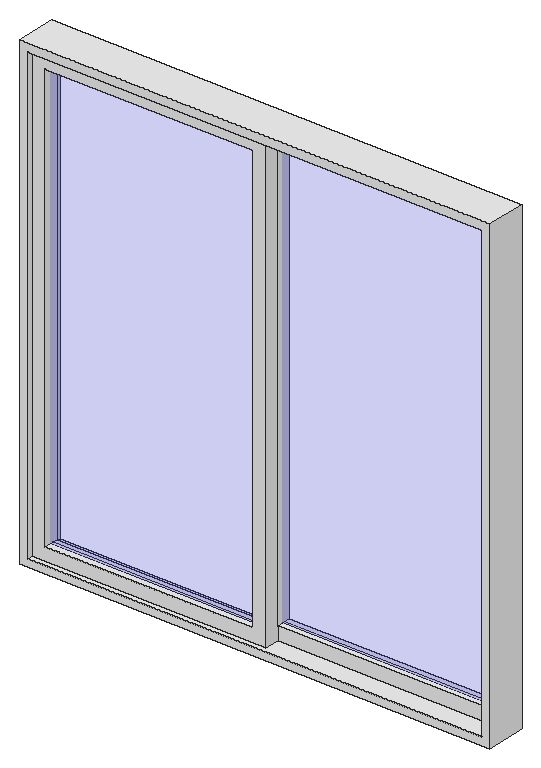
Revit family
Parameters
  창 두께 = 150 mm
  창 패널 = AW1 창 패널
  창 프레임 = AW1 창 프레임
  Height = 1800 mm
  절반 창 두께 = 창 두께 / 2  # 75 mm
  기본 씰 높이 = 600 mm
  Wall Closure = (empty or 0)
  Width = 1800 mm
Reference planes
  plane 1: y = 0
  plane 2 "중심(왼쪽/오른쪽)": x = 0
  plane 3 "왼쪽": x = -900
  plane 4 "오른쪽": x = 900
  plane 5 "씰": z = 600
  plane 6 "헤드": z = 2400
  plane 7 "외부": y = 100
  plane 8 "내부": y = -100
  plane 9: x = -850
  plane 10: x = 850
  plane 11: x = -25
  plane 12: x = 25
  plane 13: x = -870
  plane 14: x = 870
  plane 15: x = 820
  plane 16: x = -820
  plane 17: y = 75
  plane 18: y = -75
  plane 19: z = 2370
  plane 20: z = 630
  plane 21: z = 2320
  plane 22: z = 680
  plane 23: y = 55
  plane 24: y = 27.5
  plane 25: y = 37.852
  plane 26: y = 32.5
  plane 27: y = 22.5
  plane 28: y = -55
  plane 29: y = -27.5
  plane 30: y = -37.852
  plane 31: y = -32.5
  plane 32: y = -22.5
Forms (mm)
  Extrusion 1, solid, material "AW1 창 프레임" <- "창 프레임"
    sketch origin (-2000, -7.5, 1000) x (-1, 0, 0) y (0, 0, 1)
      loop
        line (-2900, 1400) -> (-2900, -400) -> (-1100, -400) -> (-1100, 1400) -> (-2900, 1400)
      loop
        line (-2870, 1370) -> (-2870, -370) -> (-1130, -370) -> (-1130, 1370) -> (-2870, 1370)
    from 82.5 to -67.5
  Extrusion 2, solid, material "AW1 창 프레임" <- "창 프레임"
    sketch origin (-2000, -7.5, 1000) x (-1, 0, 0) y (0, 0, 1)
      loop
        line (-2870, 1370) -> (-2870, -370) -> (-1975, -370) -> (-1975, 1370) -> (-2870, 1370)
      loop
        line (-2820, 1320) -> (-2820, -320) -> (-2025, -320) -> (-2025, 1320) -> (-2820, 1320)
    from 7.5 to 62.5
  Extrusion 3, solid, material "AW1 창 프레임" <- "창 프레임"
    sketch origin (-2000, -7.5, 1000) x (-1, 0, 0) y (0, 0, 1)
      loop
        line (-2025, 1370) -> (-2025, -370) -> (-1130, -370) -> (-1130, 1370) -> (-2025, 1370)
      loop
        line (-1975, 1320) -> (-1975, -320) -> (-1180, -320) -> (-1180, 1320) -> (-1975, 1320)
    from -47.5 to 7.5
  Extrusion 4, solid, material "AW1 창 패널" <- "창 패널"
    sketch origin (-2000, -7.5, 1000) x (-1, 0, 0) y (0, 0, 1)
      loop
        line (-2820, 1320) -> (-2820, -320) -> (-2025, -320) -> (-2025, 1320) -> (-2820, 1320)
    from 30 to 40
  Extrusion 5, solid, material "AW1 창 패널" <- "창 패널"
    sketch origin (-2000, -7.5, 1000) x (-1, 0, 0) y (0, 0, 1)
      loop
        line (-1975, 1320) -> (-1975, -320) -> (-1180, -320) -> (-1180, 1320) -> (-1975, 1320)
    from -25 to -15
Lines and regions (mm)
  Opening 1
    outline origin (3500, -100, 0) x (1, 0, 0) y (0, 0, 1)
      loop
        line (-2600, 600) -> (-2600, 2400) -> (-4400, 2400) -> (-4400, 600) -> (-2600, 600)
  symbolic lines, style "입면도 스윙"
    curve 1: line (-149.108, -7.5, 1597.852) -> (-149.108, -7.5, 1428.146)
    curve 2: line (-149.108, -7.5, 1428.146) -> (-64.256, -7.5, 1512.999)
    curve 3: line (-64.256, -7.5, 1512.999) -> (-149.108, -7.5, 1597.852)
    curve 4: line (169.108, -7.5, 1597.852) -> (169.108, -7.5, 1428.146)
    curve 5: line (169.108, -7.5, 1428.146) -> (84.256, -7.5, 1512.999)
    curve 6: line (84.256, -7.5, 1512.999) -> (169.108, -7.5, 1597.852)
  symbolic lines
    curve 7: line (-900, 100, 0) -> (-900, -100, 0)
    curve 8: line (900, 100, 0) -> (900, -100, 0)
    curve 9: line (-900, 0, 0) -> (25, 0, 0)
    curve 10: line (25, 0, 0) -> (25, -75, 0)
    curve 11: line (-900, -75, 0) -> (25, -75, 0)
    curve 12: line (-25, 55, 0) -> (900, 55, 0)
    curve 13: line (-25, 55, 0) -> (-25, 0, 0)
    curve 14: line (-25, 0, 0) -> (900, 0, 0)
Text (mm)
  text "외부" at (-1963.203, 1332.353, 0), in view "참조 레벨"
  text "내부" at (-1981.466, -818.386, 0), in view "참조 레벨"
  text "외부" at (0, 923.751, 2943.296), in view "오른쪽"
  text "외부" at (0, 1040.484, 2685.409), in view "왼쪽"
Dimensions and locks
  equal spacing: plane 3 "왼쪽", plane 2 "중심(왼쪽/오른쪽)", plane 4 "오른쪽"
  "Width": plane 3 "왼쪽" to plane 4 "오른쪽"
  locked: plane 7 "외부" to host wall at 0
  locked: plane 8 "내부" to host wall
  plane 3 "왼쪽" to plane 13 to plane 9 = 30 mm locked, 20 mm locked
  plane 10 to plane 14 to plane 4 "오른쪽" = 20 mm locked, 30 mm locked
  plane 11 to plane 2 "중심(왼쪽/오른쪽)" to plane 12 = 25 mm locked, 25 mm locked
  locked: plane 13 to plane 16 at 50
  locked: plane 15 to plane 14 at 50
  "기본 씰 높이": level to plane 5 "씰"
  "Height": plane 5 "씰" to plane 6 "헤드"
  "절반 창 두께": plane 17 to plane 1
  "절반 창 두께": plane 1 to plane 18
  locked: plane 19 to plane 6 "헤드" at 30
  locked: plane 5 "씰" to plane 20 at 30
  locked: plane 20 to plane 22 at 50
  locked: plane 21 to plane 19 at 50
  locked: host wall to plane 23 at 55
  equal spacing: plane 23, plane 24, host wall
  locked: plane 24 to plane 26 at 5
  locked: plane 24 to plane 27 at 5
  locked: host wall to plane 28 at 55
  equal spacing: plane 28, plane 29, host wall
  locked: plane 29 to plane 31 at 5
  locked: plane 29 to plane 32 at 5
  aligned and locked: plane 6 "헤드" to Extrusion 1 sketch curve
  aligned and locked: plane 4 "오른쪽" to Extrusion 1 sketch curve
  aligned and locked: Extrusion 1 sketch curve to plane 5 "씰"
  aligned and locked: Extrusion 1 sketch curve to plane 3 "왼쪽"
  aligned and locked: Extrusion 1 sketch curve to plane 19
  aligned and locked: plane 14 to Extrusion 1 sketch curve
  aligned and locked: plane 20 to Extrusion 1 sketch curve
  aligned and locked: Extrusion 1 sketch curve to plane 13
  aligned and locked: Extrusion 1 to plane 18
  aligned and locked: plane 17 to Extrusion 1
  aligned and locked: Extrusion 2 sketch curve to plane 19
  aligned and locked: plane 14 to Extrusion 2 sketch curve
  aligned and locked: plane 20 to Extrusion 2 sketch curve
  aligned and locked: plane 11 to Extrusion 2 sketch curve
  aligned and locked: plane 12 to Extrusion 2 sketch curve
  aligned and locked: plane 15 to Extrusion 2 sketch curve
  aligned and locked: plane 22 to Extrusion 2 sketch curve
  aligned and locked: Extrusion 2 sketch curve to plane 21
  aligned and locked: host wall to Extrusion 2
  aligned and locked: plane 23 to Extrusion 2
  aligned and locked: Extrusion 3 sketch curve to plane 12
  aligned and locked: Extrusion 3 sketch curve to plane 19
  aligned and locked: Extrusion 3 sketch curve to plane 13
  aligned and locked: plane 20 to Extrusion 3 sketch curve
  aligned and locked: Extrusion 3 sketch curve to plane 11
  aligned and locked: Extrusion 3 sketch curve to plane 21
  aligned and locked: Extrusion 3 sketch curve to plane 16
  aligned and locked: plane 22 to Extrusion 3 sketch curve
  aligned and locked: plane 28 to Extrusion 3
  aligned and locked: Extrusion 3 to host wall
  aligned and locked: Extrusion 4 sketch curve to plane 21
  aligned and locked: plane 15 to Extrusion 4 sketch curve
  aligned and locked: plane 22 to Extrusion 4 sketch curve
  aligned and locked: plane 12 to Extrusion 4 sketch curve
  aligned and locked: Extrusion 4 to plane 27
  aligned and locked: Extrusion 4 to plane 26
  aligned and locked: Extrusion 5 sketch curve to plane 11
  aligned and locked: Extrusion 5 sketch curve to plane 21
  aligned and locked: Extrusion 5 sketch curve to plane 16
  aligned and locked: plane 22 to Extrusion 5 sketch curve
  aligned and locked: Extrusion 5 to plane 31
  aligned and locked: Extrusion 5 to plane 32
  aligned and locked: plane 7 "외부" to curve 7
  aligned and locked: plane 8 "내부" to curve 7
  aligned and locked: plane 3 "왼쪽" to curve 7
  aligned and locked: plane 7 "외부" to curve 8
  aligned and locked: plane 8 "내부" to curve 8
  aligned and locked: plane 4 "오른쪽" to curve 8
  aligned and locked: plane 3 "왼쪽" to curve 9
  aligned and locked: plane 12 to curve 11
  aligned and locked: host wall to curve 9
  aligned and locked: curve 11 to plane 18
  aligned and locked: plane 18 to curve 10
  aligned and locked: host wall to curve 10
  aligned and locked: curve 10 to plane 12
  aligned and locked: plane 4 "오른쪽" to curve 14
  aligned and locked: plane 11 to curve 14
  aligned and locked: plane 11 to curve 12
  aligned and locked: curve 12 to plane 23
  aligned and locked: host wall to curve 13
Automatic sketch dimensions
  Opening 1 sketch curve to plane 3 "왼쪽" = 0 mm
  Opening 1 sketch curve to plane 4 "오른쪽" = 0 mm
  Opening 1 sketch curve to plane 5 "씰" = 0 mm
  Opening 1 sketch curve to plane 6 "헤드" = 0 mm
  plane 12 to curve 4 = 144.108 mm
  plane 12 to curve 6 = 59.256 mm
  curve 2 to plane 11 = 39.256 mm
  curve 2 to curve 1 = 84.853 mm
  curve 1 to plane 5 "씰" = 828.146 mm
  curve 5 to curve 1 = 0 mm
  curve 5 to curve 4 = 84.853 mm
  curve 3 to curve 1 = 84.853 mm
